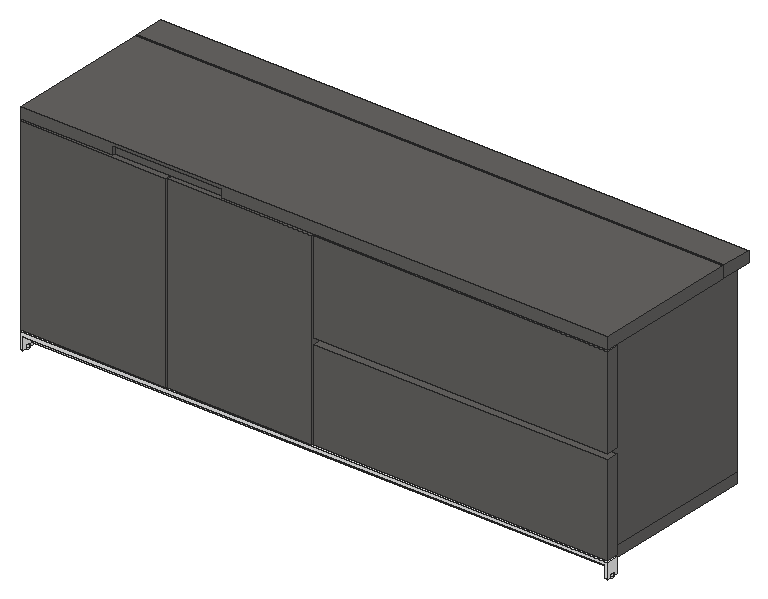
Revit family "Storage-Credenza-Teknion-ZXFF_High_File-R2011", category Furniture Systems, Revit 2013
Parameters (values of type "(See Type Catalog)")
  Width = 80.000"
  Warranty = "http://www.teknionstudio.com/pdfs/Teknion%20Studio%20Warranty.pdf"
  Unit Weight = 0.00 lbf
  Unit Finish [instance] = Veneer - Teknion - P7 - Grey Oak
  URL = "www.teknionstudio.com"
  Tabletop Right Length = if(Has Right Door, 40.000", if(Has Double Right Door, 60.000", 20.000"))  # 20.000"
  Tabletop Left Length = if(Has Left Door, 40.000", if(Has Double Left Door, 60.000", 20.000"))  # 60.000"
  Tabletop Cutout Offset = if(Has Wire Management, 0.000", 4.000")  # 0.000"
  Single Door Cutout Offset = if(Has Left Door, 0.000", if(Has Right Door, 0.000", 4.000"))  # 4.000"
  Series = "B&B Italia"
  Right Doors Length = if(Has Right Door, (40.000" - 1.575"), if(Has Double Right Door, (60.000" - 1.575"), 18.425"))  # 18.425"
  Product Page URL = "http://www.teknionstudio.com/acexecutive/"
  Product Line = "AC Executive"
  Product Documentation Link = "http://www.teknionstudio.com/pricing/ac_executive_ppg.pdf"
  Part Number = "ZXFF"
  Model = ""
  Manufacturer Phone = "919-464-2920"
  Manufacturer Fax = "919-464-2927"
  Manufacturer Email = "customersupport@teknionstudio.com"
  Manufacturer Address = "3940 US 70 Business HWY West, Clayton, NC 27520"
  Manufacturer = "Teknion Studio"  # constant formula
  Low Emitting Material = yes
  Low Emitting Finish = yes
  Left and Right Reference Planes Offset = if(Has Double Right Door, 0.000", if(Has Double Left Door, 40.000", if(Has Right Door, 20.000", 40.000")))  # 40.000"
  Left Doors Length = if(Has Left Door, (40.000" - 1.575"), if(Has Double Left Door, (60.000" - 1.575"), 18.425"))  # 58.425"
  Height = 29.684"
  Has Left Door = no
  Has Double Left Door = yes
  Has Right Door = no
  Has Double Right Door = no
  Has Wire Management = yes
  Drawers Length = 40.000"  # constant formula
  Double Door Cutout Offset = if(Has Double Left Door, 0.000", if(Has Double Right Door, 0.000", 5.000"))  # 0.000"
  Description = ""
  Depth = 24.000"
  Bottom Rigth Length = if(Has Right Door, 40.000", if(Has Double Right Door, 60.000", 20.000"))  # 20.000"
  Bottom Left Length = if(Has Left Door, 40.000", if(Has Double Left Door, 60.000", 20.000"))  # 60.000"
  Assembly Code = "E2020200"
Reference planes (in)
  plane 1 "Center F/B": y = 0
  plane 2: z = 0
  plane 3 "Center L/R": x = 0
  plane 4 "Unit Left": x = -58.425
  plane 5 "Unit Right": x = 18.425
  plane 6 "Back": y = 12
  plane 7 "Front": y = -12
  plane 8 "Top": z = 29.684
  plane 9: x = -56.8502
  plane 10: x = 16.8502
  plane 11: z = 2.1289
  plane 12 "Foot Centerline": y = -11.2126
  plane 13 "Elevation": z = 15.13676
  plane 14: z = 28.14463
  plane 15: x = -20
  plane 16: x = 20
  plane 17: x = -40
  plane 18: x = -60
  plane 19: x = 40
  plane 20: x = 60
  plane 21: x = -60
  plane 22: x = 20
  plane 23: x = -60
  plane 24: x = 20
  plane 25: x = -60
  plane 26: x = 20
  plane 27: y = -16
  plane 28: y = -12
  plane 29: z = 29.684
  plane 30: x = -60
  plane 31: x = 20
  plane 32: x = -20
Forms (in)
  Sweep 1, solid, material "Metal - Teknion - C6 - Chrome"
    path origin (0, -12, 0) x (1, 0, 0) y (0, 0, 1)
      loop
        line (20, 0.05803) -> (20, 2.1289) -> (-60, 2.1289) -> (-60, 0.05803)
    profile origin (-20, -12, 2.1289) x (0, 0, -1) y (0, -1, 0)
      loop
        line (0, 0) -> (0, -1.5748) -> (0.394, -1.5748) -> (0.394, 0) -> (0, 0)
  Sweep 2, solid, material "Metal - Teknion - C6 - Chrome"
    path origin (0, -12, 0) x (1, 0, 0) y (0, 0, 1)
      loop
        line (-60, 2.1289) -> (20, 2.1289)
    profile origin (-20, -12, 2.1289) x (0, 0, 1) y (0, -1, 0)
      loop
        line (-0.394, -1.5748) -> (-0.394, -1.3778) -> (-1.575, -1.3778) -> (-1.575, -1.5748) -> (-0.394, -1.5748)
  Revolve 3, solid, material "Metal - Teknion - C6 - Chrome"
    sketch origin (0, -11.2126, 0) x (0, 0, -1) y (1, 0, 0)
      loop
        line (-0.4911, 19.4685) -> (-0.45173, 19.42913) -> (-0.28492, 19.42913) -> (-0.24555, 19.4685) -> (-0.20618, 19.42913) -> (-0.03937, 19.42913) -> (0, 19.4685) -> (0, 19.80315) -> (-0.4911, 19.80315) -> (-0.4911, 19.4685)
      axis (0, 19.80315) -> (-0.4911, 19.80315)
    angle from 0 to 360
  Revolve 4, solid, material "Metal - Teknion - C6 - Chrome"
    sketch origin (0, -11.2126, 0) x (0, 0, -1) y (1, 0, 0)
      loop
        line (0, -60.1378) -> (0, -59.80315) -> (-0.4911, -59.80315) -> (-0.4911, -60.1378) -> (-0.45173, -60.17717) -> (-0.28492, -60.17717) -> (-0.24555, -60.1378) -> (-0.20618, -60.17717) -> (-0.03937, -60.17717) -> (0, -60.1378)
      axis (0, -59.80315) -> (-0.4911, -59.80315)
    angle from 0 to 360
  Sweep 5, solid, material "Veneer - Teknion - P7 - Grey Oak" <- "Unit Finish"
    path origin (0, 0, 15.40683) x (-1, 0, 0) y (0, -1, 0)
      loop
        line (0, -12) -> (0, 12)
    profile origin (0, 0, 15.40683) x (1, 0, 0) y (0, 0, 1)
      loop
        line (-60, 14.27717) -> (-60, 12.7378) -> (20, 12.7378) -> (20, 14.27717) -> (-60, 14.27717)
  Sweep 6, solid, material "Veneer - Teknion - P7 - Grey Oak" <- "Unit Finish"
    path origin (0, -12, 0) x (1, 0, 0) y (0, 0, 1)
      loop
        line (-58.425, 2.1289) -> (18.425, 2.1289)
    profile origin (-20, -12, 2.1289) x (0, 0, 1) y (0, -1, 0)
      loop
        line (0, -1.5748) -> (-1.53937, -1.5748) -> (-1.53937, -24) -> (0, -24) -> (0, -1.5748)
  Sweep 7, solid, material "Veneer - Teknion - P7 - Grey Oak" <- "Unit Finish"
    path origin (0, 0, 15.40683) x (-1, 0, 0) y (0, -1, 0)
      loop
        line (58.425, 0) -> (-18.425, 0)
    profile origin (-20, 0, 15.40683) x (0, 1, 0) y (0, 0, 1)
      loop
        line (7.61024, 12.3437) -> (7.61024, 12.7378) -> (-10.32283, 12.7378) -> (-10.32283, -13.27793) -> (12, -13.27793) -> (12, 12.3437) -> (7.61024, 12.3437)
  Sweep 8, solid, material "Veneer - Teknion - P7 - Grey Oak" <- "Unit Finish"
    path origin (0, -12, 0) x (1, 0, 0) y (0, 0, 1)
      loop
        line (-20, 15.13676) -> (20, 15.13676)
    profile origin (0, -12, 15.13676) x (0, 0, 1) y (0, -1, 0)
      loop
        line (12.75787, -1.6) -> (12.75787, 0) -> (0.30354, 0) -> (0.30354, -1.6) -> (12.75787, -1.6)
      loop
        line (-0.48386, 0) -> (-12.75787, 0) -> (-12.75787, -1.6) -> (-0.48386, -1.6) -> (-0.48386, 0)
  Sweep 9, solid, material "Veneer - Teknion - P7 - Grey Oak" <- "Unit Finish", visible <- "Has Left Door"
    path origin (0, -12, 0) x (1, 0, 0) y (0, 0, 1)
      loop
        line (0, 27.89463) -> (0, 2.3789)
    profile origin (0, -12, 15.13676) x (0, -1, 0) y (1, 0, 0)
      loop
        line (-1.6, -20.25) -> (-1.6, -40) -> (0, -40) -> (0, -20.25) -> (-1.6, -20.25)
  Sweep 10, solid, material "Veneer - Teknion - P7 - Grey Oak" <- "Unit Finish", visible <- "Has Right Door"
    path origin (0, -12, 0) x (-1, 0, 0) y (0, 0, 1)
      loop
        line (0, 27.89463) -> (0, 2.3789)
    profile origin (0, -12, 15.13676) x (0, -1, 0) y (1, 0, 0)
      loop
        line (-1.6, 20.25) -> (0, 20.25) -> (0, 40) -> (-1.6, 40) -> (-1.6, 20.25)
  Sweep 11, solid, material "Veneer - Teknion - P7 - Grey Oak" <- "Unit Finish", visible <- "Has Double Left Door"
    path origin (-80, -12, 0) x (-1, 0, 0) y (0, 0, 1)
      loop
        line (-80, 27.89463) -> (-80, 2.3789)
    profile origin (0, -12, 15.13676) x (0, -1, 0) y (1, 0, 0)
      loop
        line (-1.6, -20.25) -> (-1.6, -39.875) -> (0, -39.875) -> (0, -20.25) -> (-1.6, -20.25)
      loop
        line (-1.6, -60) -> (0, -60) -> (0, -40.125) -> (-1.6, -40.125) -> (-1.6, -60)
  Sweep 12, solid, material "Veneer - Teknion - P7 - Grey Oak" <- "Unit Finish", visible <- "Has Double Right Door"
    path origin (80, -12, 0) x (1, 0, 0) y (0, 0, 1)
      loop
        line (-80, 27.89463) -> (-80, 2.3789)
    profile origin (0, -12, 15.13676) x (0, -1, 0) y (1, 0, 0)
      loop
        line (-1.6, 20.25) -> (0, 20.25) -> (0, 39.875) -> (-1.6, 39.875) -> (-1.6, 20.25)
      loop
        line (-1.6, 60) -> (-1.6, 40.125) -> (0, 40.125) -> (0, 60) -> (-1.6, 60)
  Sweep 13, void
    path origin (0, 0, 0) x (0, 1, 0) y (0, 0, 1)
      loop
        line (-16, 28.14463) -> (-15.5276, 28.14463)
    profile origin (0, -15.7638, 28.14463) x (0, 0, 1) y (1, 0, 0)
      loop
        line (0, -27.556) -> (1.1, -27.556) -> (1.1, -20.118) -> (0, -20.118) -> (0, -27.556)
      loop
        line (0, 27.556) -> (0, 20.118) -> (1.1, 20.118) -> (1.1, 27.556) -> (0, 27.556)
  Sweep 14, void
    path origin (0, -9, 0) x (0, 1, 0) y (0, 0, 1)
      loop
        line (-3, 28.14463) -> (-2.5276, 28.14463)
    profile origin (0, -11.7638, 28.14463) x (0, 0, 1) y (1, 0, 0)
      loop
        line (0, -47.438) -> (1.1, -47.438) -> (1.1, -32.562) -> (0, -32.562) -> (0, -47.438)
      loop
        line (0, 47.438) -> (0, 32.562) -> (1.1, 32.562) -> (1.1, 47.438) -> (0, 47.438)
  Sweep 15, void
    path origin (0, 12, 0) x (-1, 0, 0) y (0, 0, 1)
      loop
        line (60, 29.684) -> (-60, 29.684)
    profile origin (0, 12, 29.684) x (0, 0, -1) y (0, 1, 0)
      loop
        line (1.53937, -4.38976) -> (1.53937, -4.13976) -> (0, -4.13976) -> (0, -4.38976) -> (1.53937, -4.38976)
Cuts and joins
  joined: Sweep 1, Sweep 2, Revolve 4
  Sweep 13, Sweep 14, Sweep 15 cuts Sweep 5
Lines and regions (in)
  Masking region 1
    outline origin (0, 0, 29.684) x (-1, 0, 0) y (0, -1, 0)
      loop
        line (60, -12) -> (60, 12) -> (-20, 12) -> (-20, -12) -> (60, -12)
  symbolic lines, visible <- "Has Wire Management"
    curve 1: line (-60, 7.61024, 15.40683) -> (20, 7.61024, 15.40683)
  symbolic lines, style "Elevation Swing", visible <- "Has Left Door"
    curve 2: line (-20.25, -12, 28.06463) -> (-40, -12, 15.13676)
    curve 3: line (-40, -12, 15.13676) -> (-20.25, -12, 2.2089)
  symbolic lines, style "Elevation Swing", visible <- "Has Double Left Door"
    curve 4: line (-39.875, -12, 28.10311) -> (-20.118, -12, 15.13676)
    curve 5: line (-40, -12, 2.17042) -> (-20.118, -12, 15.13676)
    curve 6: line (-39.875, -12, 28.10311) -> (-59.882, -12, 15.13676)
    curve 7: line (-40, -12, 2.17042) -> (-59.882, -12, 15.13676)
  symbolic lines, style "Elevation Swing", visible <- "Has Right Door"
    curve 8: line (20.25, -12, 28.06463) -> (40, -12, 15.13676)
    curve 9: line (40, -12, 15.13676) -> (20.25, -12, 2.3789)
  symbolic lines, style "Elevation Swing", visible <- "Has Double Right Door"
    curve 10: line (39.875, -12, 28.10299) -> (20.25, -12, 15.13676)
    curve 11: line (39.99982, -12, 2.17053) -> (20.25, -12, 15.13676)
  symbolic lines, style "FurnitureSystemsHiddenLines", visible <- "Has Double Right Door"
    curve 12: line (39.99982, -12, 2.17053) -> (60, -12, 15.13676)
    curve 13: line (40.125, -12, 28.06463) -> (60, -12, 15.13676)
  symbolic lines, style "FurnitureSystems", visible <- "Has Left Door"
    curve 14: line (-40, -12, 15.40683) -> (-40, -32, 15.40683)
  symbolic lines, visible <- "Has Left Door"
    curve 15: arc (-40, -32, 15.40683) -> (-25.85786, -26.14214, 15.40683) -> (-20, -12, 15.40683) r 20
  symbolic lines, visible <- "Has Double Left Door"
    curve 16: line (-20, -12, 15.40683) -> (-20, -32, 15.40683)
    curve 17: arc (-20, -32, 15.40683) -> (-34.14214, -26.14214, 15.40683) -> (-40, -12, 15.40683) r 20
    curve 18: line (-60, -12, 15.40683) -> (-60, -32, 15.40683)
    curve 19: arc (-60, -32, 15.40683) -> (-45.85786, -26.14214, 15.40683) -> (-40, -12, 15.40683) r 20
  symbolic lines, style "FurnitureSystems", visible <- "Has Right Door"
    curve 20: line (40, -12, 15.40683) -> (40, -32, 15.40683)
  symbolic lines, visible <- "Has Right Door"
    curve 21: arc (40, -32, 15.40683) -> (25.85786, -26.14214, 15.40683) -> (20, -12, 15.40683) r 20
  symbolic lines, visible <- "Has Double Right Door"
    curve 22: line (20, -12, 15.40683) -> (20, -32, 15.40683)
    curve 23: arc (20, -32, 15.40683) -> (34.14214, -26.14214, 15.40683) -> (40, -12, 15.40683) r 20
    curve 24: line (60, -12, 15.40683) -> (60, -32, 15.40683)
    curve 25: arc (60, -32, 15.40683) -> (45.85786, -26.14214, 15.40683) -> (40, -12, 15.40683) r 20
Dimensions and locks (in)
  equal spacing: plane 6 "Back", plane 1 "Center F/B", plane 7 "Front"
  "Depth": plane 6 "Back" to plane 7 "Front"
  locked: plane 4 "Unit Left" to plane 9 at 1.5748
  locked: plane 10 to plane 5 "Unit Right" at 1.5748
  "Height": plane 8 "Top" to plane 2
  locked: Sweep 1 sketch curve to level at 0.05803  (x2)
  locked: plane 7 "Front" to Sweep 1 sketch curve at 1.5748
  locked: plane 11 to plane 2 at 2.1289
  locked: plane 11 to Sweep 1 sketch curve at 0.394
  plane 11 to Sweep 2 sketch curve to Sweep 2 sketch curve = 0.394" locked, 1.181" locked
  plane 7 "Front" to Sweep 2 sketch curve to Sweep 2 sketch curve = 1.3778" locked, 0.197" locked
  locked: plane 8 "Top" to Sweep 5 sketch curve at 1.53937
  locked: plane 11 to Sweep 6 sketch curve at 1.53937
  locked: plane 7 "Front" to Sweep 6 sketch curve at 1.5748
  locked: plane 8 "Top" to Sweep 7 sketch curve at 1.53937
  locked: plane 8 "Top" to Sweep 7 sketch curve at 1.93347
  locked: Sweep 7 sketch curve to plane 7 "Front" at 1.67717
  locked: plane 8 "Top" to plane 14 at 1.53937
  equal spacing: plane 14, plane 13 "Elevation", plane 11
  locked: Sweep 8 sketch curve to plane 14 at 0.25
  locked: Sweep 8 sketch curve to plane 7 "Front" at 1.6  (x2)
  locked: plane 11 to Sweep 8 sketch curve at 0.25
  Sweep 8 sketch curve to plane 13 "Elevation" to Sweep 8 sketch curve = 0.30354" locked, 0.48386" locked
  equal spacing: plane 15, plane 3 "Center L/R", plane 16
  "Drawers Length": plane 15 to plane 16
  "Left Doors Length": plane 4 "Unit Left" to plane 3 "Center L/R"
  "Right Doors Length": plane 3 "Center L/R" to plane 5 "Unit Right"
  equal spacing: plane 18, plane 17, plane 15
  locked: plane 17 to plane 15 at 20
  locked: plane 17 to Sweep 9 sketch curve at 0
  locked: Sweep 9 sketch curve to plane 15 at 0.25
  locked: Sweep 9 sketch curve to plane 7 "Front" at 1.6
  locked: plane 14 to Sweep 11 sketch curve at 0.25
  locked: Sweep 11 sketch curve to plane 11 at 0.25
  locked: Sweep 11 sketch curve to plane 15 at 0.25
  locked: plane 7 "Front" to Sweep 11 sketch curve at 1.6
  locked: Sweep 11 sketch curve to plane 7 "Front" at 1.6
  locked: Sweep 9 sketch curve to plane 11 at 0.25
  locked: plane 14 to Sweep 9 sketch curve at 0.25
  equal spacing: plane 16, plane 19, plane 20
  plane 16 to plane 19 = 20.000"
  locked: plane 14 to Sweep 10 sketch curve at 0.25
  locked: Sweep 10 sketch curve to plane 11 at 0.25
  locked: Sweep 10 sketch curve to plane 19 at 0
  locked: plane 16 to Sweep 10 sketch curve at 0.25
  locked: plane 7 "Front" to Sweep 10 sketch curve at 1.6
  locked: plane 14 to Sweep 12 sketch curve at 0.25
  locked: Sweep 12 sketch curve to plane 11 at 0.25
  locked: plane 16 to Sweep 12 sketch curve at 0.25
  locked: plane 7 "Front" to Sweep 12 sketch curve at 1.6
  locked: Sweep 12 sketch curve to plane 7 "Front" at 1.6
  "Tabletop Left Length": plane 3 "Center L/R" to plane 21
  "Tabletop Right Length": plane 22 to plane 3 "Center L/R"
  "Bottom Left Length": plane 3 "Center L/R" to plane 23
  "Bottom Rigth Length": plane 3 "Center L/R" to plane 24
  "Bottom Left Length": plane 3 "Center L/R" to plane 25
  "Bottom Rigth Length": plane 26 to plane 3 "Center L/R"
  locked: plane 7 "Front" to plane 12 "Foot Centerline" at 0.7874
  locked: plane 4 "Unit Left" to Revolve 4 sketch curve at 1.37815
  locked: Revolve 4 sketch curve to Revolve 4 sketch curve at 0.37402
  Revolve 4 sketch curve to Revolve 4 sketch curve to Revolve 4 sketch curve to plane 2 = 0.07874" locked, 0.16681" locked, 0.03937" locked
  Revolve 4 sketch curve to Revolve 4 sketch curve to Revolve 4 sketch curve to Revolve 4 sketch curve = 0.03937" locked, 0.16681" locked, 0.03937" locked
  locked: Revolve 3 sketch curve to plane 5 "Unit Right" at 1.37815
  locked: Revolve 3 sketch curve to Revolve 3 sketch curve at 0.37402
  Revolve 3 sketch curve to Revolve 3 sketch curve to Revolve 3 sketch curve to Revolve 3 sketch curve to plane 2 = 0.03937" locked, 0.16681" locked, 0.07874" locked, 0.20618" locked
  "Single Door Cutout Offset": plane 7 "Front" to plane 27
  locked: Sweep 13 sketch curve to plane 27 at 0.4724
  locked: Sweep 13 sketch curve to plane 14 at 1.1  (x2)
  Sweep 13 sketch curve to Sweep 13 sketch curve to plane 15 = 7.438" locked, 0.118" locked
  plane 16 to Sweep 13 sketch curve to Sweep 13 sketch curve = 0.118" locked, 7.438" locked
  locked: Sweep 14 sketch curve to plane 28 at 0.4724
  Sweep 14 sketch curve to plane 17 to Sweep 14 sketch curve = 7.438" locked, 7.438" locked
  locked: Sweep 14 sketch curve to plane 14 at 1.1  (x2)
  Sweep 14 sketch curve to plane 19 to Sweep 14 sketch curve = 7.438" locked, 7.438" locked
  "Double Door Cutout Offset": plane 7 "Front" to plane 28
  "Tabletop Cutout Offset": plane 29 to plane 8 "Top"
  locked: Sweep 15 sketch curve to Sweep 15 sketch curve at 0.25
  locked: plane 29 to Sweep 15 sketch curve at 1.53937
  locked: plane 6 "Back" to Sweep 15 sketch curve at 4.13976
  equal spacing: plane 30, plane 32, plane 31
  "Width": plane 30 to plane 31
  "Left and Right Reference Planes Offset": plane 31 to plane 20
  locked: plane 17 to Sweep 11 sketch curve at 0.125
  locked: Sweep 11 sketch curve to plane 17 at 0.125
  locked: plane 19 to Sweep 12 sketch curve at 0.125
  locked: Sweep 12 sketch curve to plane 19 at 0.125
  aligned and locked: level to plane 2
  aligned and locked: Sweep 1 sketch curve to plane 7 "Front"
  aligned and locked: plane 11 to Sweep 1 sketch curve
  aligned and locked: Sweep 1 sketch curve to plane 11
  aligned and locked: Sweep 2 sketch curve to plane 11
  aligned and locked: plane 6 "Back" to Sweep 5 sketch curve
  aligned and locked: plane 7 "Front" to Sweep 5 sketch curve
  aligned and locked: Sweep 5 sketch curve to plane 3 "Center L/R"
  aligned and locked: Sweep 5 sketch curve to plane 8 "Top"
  aligned and locked: Sweep 6 sketch curve to plane 11  (x2)
  aligned and locked: Sweep 6 sketch curve to plane 6 "Back"
  aligned and locked: plane 1 "Center F/B" to Sweep 7 sketch curve
  aligned and locked: plane 6 "Back" to Sweep 7 sketch curve
  aligned and locked: plane 11 to Sweep 7 sketch curve
  aligned and locked: Sweep 8 sketch curve to plane 13 "Elevation"
  aligned and locked: plane 7 "Front" to Sweep 8 sketch curve
  aligned and locked: Sweep 8 sketch curve to profile plane
  aligned and locked: plane 15 to Sweep 8 sketch curve
  aligned and locked: plane 16 to Sweep 8 sketch curve
  aligned and locked: plane 4 "Unit Left" to Sweep 7 sketch curve
  aligned and locked: plane 5 "Unit Right" to Sweep 7 sketch curve
  aligned and locked: Sweep 9 sketch curve to plane 3 "Center L/R"
  aligned and locked: plane 7 "Front" to Sweep 9 sketch curve
  aligned and locked: Sweep 11 sketch curve to plane 3 "Center L/R"
  aligned and locked: Sweep 11 sketch curve to plane 7 "Front"
  aligned and locked: plane 7 "Front" to Sweep 11 sketch curve
  aligned and locked: plane 18 to Sweep 11 sketch curve
  aligned and locked: Sweep 10 sketch curve to plane 3 "Center L/R"
  aligned and locked: Sweep 10 sketch curve to plane 7 "Front"
  aligned and locked: Sweep 12 sketch curve to plane 3 "Center L/R"
  aligned and locked: Sweep 12 sketch curve to plane 7 "Front"
  aligned and locked: Sweep 12 sketch curve to plane 20
  aligned and locked: plane 7 "Front" to Sweep 12 sketch curve
  aligned and locked: plane 21 to Sweep 5 sketch curve
  aligned and locked: Sweep 5 sketch curve to plane 22
  aligned and locked: plane 4 "Unit Left" to Sweep 6 sketch curve
  aligned and locked: plane 5 "Unit Right" to Sweep 6 sketch curve
  aligned and locked: Sweep 1 sketch curve to plane 23
  aligned and locked: plane 24 to Sweep 1 sketch curve
  aligned and locked: plane 25 to Sweep 2 sketch curve
  aligned and locked: plane 26 to Sweep 2 sketch curve
  aligned and locked: Revolve 3 sketch curve to Revolve 3 sketch curve  (x2)
  aligned and locked: Revolve 3 sketch curve to plane 2
  aligned and locked: Revolve 4 sketch curve to Revolve 4 sketch curve  (x2)
  aligned and locked: Revolve 4 sketch curve to plane 2
  aligned and locked: plane 27 to Sweep 13 sketch curve
  aligned and locked: plane 14 to Sweep 13 sketch curve  (x2)
  aligned and locked: Sweep 13 sketch curve to plane 14
  aligned and locked: plane 14 to Sweep 14 sketch curve  (x2)
  aligned and locked: Sweep 14 sketch curve to plane 14
  aligned and locked: plane 28 to Sweep 14
  aligned and locked: plane 28 to Sweep 14 sketch curve
  aligned and locked: Sweep 15 sketch curve to plane 29  (x2)
  aligned and locked: plane 18 to Sweep 15 sketch curve
  aligned and locked: plane 20 to Sweep 15 sketch curve
  aligned and locked: Masking region 1 sketch curve to plane 6 "Back"
  aligned and locked: cut or joined group of Sweep 5, Sweep 13, Sweep 14, Sweep 15 to curve 1
  aligned and locked: Masking region 1 sketch curve to cut or joined group of Sweep 5, Sweep 13, Sweep 14, Sweep 15  (x2)
  aligned and locked: Masking region 1 sketch curve to plane 7 "Front"
  aligned and locked: Masking region 1 to curve 1  (x2)
  aligned and locked: plane 13 "Elevation" to curve 3
  aligned and locked: Sweep 9 to curve 3
  aligned and locked: plane 13 "Elevation" to curve 4
  aligned and locked: curve 4 to Sweep 11
  aligned and locked: curve 8 to Sweep 10
  aligned and locked: Sweep 10 to curve 9
  aligned and locked: plane 13 "Elevation" to curve 9
  aligned and locked: Sweep 12 to curve 11
  aligned and locked: plane 13 "Elevation" to curve 11
  aligned and locked: Sweep 12 to curve 10
  aligned and locked: Sweep 12 to curve 12
  aligned and locked: curve 14 to plane 17
  aligned and locked: plane 17 to curve 15
  aligned and locked: curve 18 to plane 18
  aligned and locked: curve 16 to plane 15
  aligned and locked: curve 17 to plane 15
  aligned and locked: plane 7 "Front" to curve 15
  aligned and locked: plane 7 "Front" to curve 14
  aligned and locked: plane 7 "Front" to curve 19
  aligned and locked: plane 7 "Front" to curve 17
  aligned and locked: plane 19 to curve 20
  aligned and locked: plane 7 "Front" to curve 21
  aligned and locked: plane 7 "Front" to curve 20
  aligned and locked: plane 20 to curve 24
  aligned and locked: plane 16 to curve 22
  aligned and locked: plane 7 "Front" to curve 24
  aligned and locked: plane 7 "Front" to curve 25
  aligned and locked: plane 7 "Front" to curve 22
  aligned and locked: plane 19 to curve 25
  aligned and locked: plane 7 "Front" to curve 23
  aligned and locked: plane 19 to curve 23
  aligned and locked: Sweep 9 to curve 2
  aligned and locked: curve 3 to Sweep 9
  aligned and locked: curve 9 to Sweep 12
  aligned and locked: Sweep 12 to curve 13
Automatic sketch dimensions
  Revolve 3 sketch curve to Revolve 3 sketch curve = 0.15736"
  Revolve 3 sketch curve to Revolve 3 sketch curve = 0.03937"  (x3)
  level to Revolve 3 sketch curve = 0.03937"
  Revolve 3 sketch curve to level = 0.10154"
  Revolve 4 sketch curve to Revolve 4 sketch curve = 0.2589"
  Revolve 4 sketch curve to level = 0.42419"
  Revolve 4 sketch curve to Revolve 4 sketch curve = 0.03937"  (x2)
  Sweep 7 sketch curve to Sweep 7 sketch curve = 4.38976"
  curve 21 to plane 16 = 0.000"
  plane 7 "Front" to curve 16 = 0.000"
  plane 7 "Front" to curve 18 = 0.000"
  curve 6 to plane 13 "Elevation" = 0.000"
  curve 7 to plane 17 = 0.000"
  curve 13 to plane 13 "Elevation" = 0.000"
  plane 18 to curve 7 = 0.118"
  curve 5 to plane 15 = 0.118"
  curve 9 to plane 16 = 0.250"
  plane 19 to curve 11 = 0.00018"
  plane 11 to curve 3 = 0.080"
  plane 11 to curve 11 = 0.04164"
  plane 11 to curve 7 = 0.04152"
  curve 13 to plane 14 = 0.080"
  curve 8 to plane 14 = 0.080"
  curve 2 to plane 14 = 0.080"
  curve 10 to plane 14 = 0.04164"
  curve 4 to plane 14 = 0.04152"
